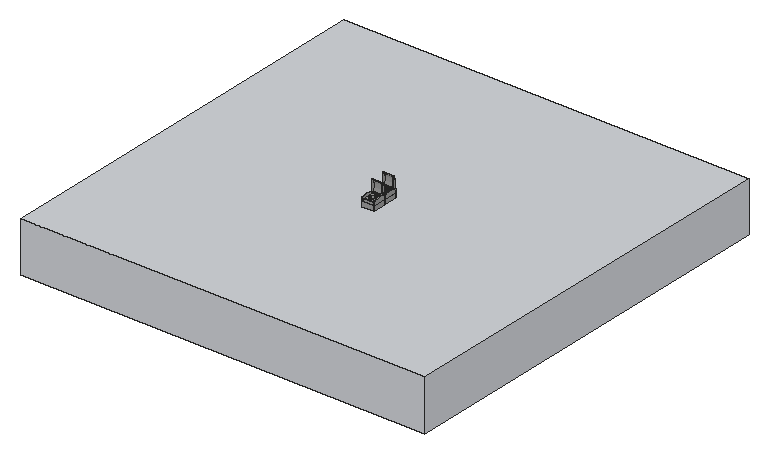
Revit family "2CKA002084A0719", category Elektroinstallationen, Revit 2017
Family settings
  Basisbauteil = Fläche
  Beschriftungsausrichtung beibehalten = Nein
  Bemaßung runder Anschluss = Durchmesser verwenden
  Teiletyp = Normal
  Beim Laden mit Abzugskörper schneiden = Nein
  Gemeinsam genutzt = Nein
  Raumberechnungspunkt = Nein
Parameters
  Werkstoffgüte = "Thermoplast"
  Werkstoff = "Kunststoff"
  Default Elevation = 1219.2 mm
  URL = "https://www.busch-jaeger.de/"
  Typname = "SCHUKO Steckdose, grau/blaugrün, Aufputz IP 44, ocean (IP 44)"
  TYPE = "20-02 EBW-53"
  Sonderstromversorgung = "ohne Sonderstromversorgung"
  Produktseite = "https://media.live.bim.site/t/eyJhbGciOiJIUzI1NiIsInR5cCI6IkpXVCJ9.eyJjdCI6MiwidHUiOiJodHRwOi8vYnVzY2gtamFlZ2VyLWthdGFsb2cuZGUvMjA4NC0wLTA3MTksYXJ0aWtlbC5odG1sIiwiY2lkIjoiZmVkOThlOWEtMWJkOC00YzY4LWE3M2ItNzRhOTRlMzE1ODIzIiwicmlkIjoiODU4Y2E5YTVjYzMzMDNiNTZjNmYwNGNhMTExZTE4ZTMiLCJwaWQiOiJhNTRjY2I4NGJjODZiOTFiM2M1YzQyZmZkZjg0OTkxY2U3ZDczYzhmIiwic2lkIjoiNjM3MzIiLCJ1dCI6MSwibGMiOiJkZSIsImlhdCI6MTU4MjE5NTE0NiwiaXNzIjoiaHR0cHM6Ly9hcGkubGl2ZS5iaW0uc2l0ZSIsInN1YiI6ImY1ODZjNGI2LWE1MDgtNDI3YS05ODE4LTEzMTc5NjY1NzZiYyJ9.u8-3pEH3sGUz4aqpy_N-LvQGsP84bl4ixMLoPzKogAM"
  Oberfläche = "unbehandelt"
  Nennstrom = 16 A
  Nennspannung [V] [Volt] = 250
  Montageart = "Aufputz"
  Mit erhöhtem Berührungsschutz = yes
  Mit Klappdeckel = yes
  Ist Zubehör = no
  Ist System = no
  Hersteller = "Busch-Jaeger"
  HeinzeBIM = "https://www.heinze.de/bim/schuko-steckdose-grau-blaugruen-aufputz-ip-44-ocean-ip-44-/a54ccb84bc86b91b3c5c42ffdf84991ce7d73c8f"
  Halogenfrei = yes
  HAN = "2CKA002084A0719"
  Gewicht [kg/m] = 0.234
  Gerätetiefe [mm] = 55
  Gerätehöhe [mm] = 167
  Gerätebreite [mm] = 74
  Geeignet für Schutzart (IP) = "IP44"
  GTIN = "4011395114957"
  Farbe = "blaugrün"
  Datenblatt = "https://media.live.bim.site/t/eyJhbGciOiJIUzI1NiIsInR5cCI6IkpXVCJ9.eyJjdCI6MSwidGYiOiJwdWJsaWMvYnVzY2gtamFlZ2VyL2VhZjFmM2IvMkNLQTAwMjA4NEEwNzE5X1JPSFNfMjAxOV8xMF8wNy5wZGYiLCJjaWQiOiJmZWQ5OGU5YS0xYmQ4LTRjNjgtYTczYi03NGE5NGUzMTU4MjMiLCJyaWQiOiI4NThjYTlhNWNjMzMwM2I1NmM2ZjA0Y2ExMTFlMThlMyIsInBpZCI6ImE1NGNjYjg0YmM4NmI5MWIzYzVjNDJmZmRmODQ5OTFjZTdkNzNjOGYiLCJzaWQiOiI2MzczMiIsInV0IjoxLCJsYyI6ImRlIiwiaWF0IjoxNTgyMTk1MTQ2LCJpc3MiOiJodHRwczovL2FwaS5saXZlLmJpbS5zaXRlIiwic3ViIjoiZjU4NmM0YjYtYTUwOC00MjdhLTk4MTgtMTMxNzk2NjU3NmJjIn0.97PtO836fvPA_rubpHjy4Kzxh0ZbJA2Jc0sX6fRayew/2CKA002084A0719_ROHS_2019_10_07.pdf"
  Beschreibung = "SCHUKO Steckdose, grau/blaugrün, Aufputz IP 44, ocean (IP 44), SCHUKO Steckdose mit erh. Berührungsschutz 2-fach Für senkrechte Montage. Mit Steckanschluss. Vorverdrahtet. Mit Klappdeckeln. 2 P + E, Nennstrom: 16 A Schutzart Gerät: IP 44"
  Befestigungsart = "Befestigung mit Schraube"
  BIMSITE_PRODUCT_ID = "a54ccb84bc86b91b3c5c42ffdf84991ce7d73c8f"
  BIM = "https://media.live.bim.site/t/eyJhbGciOiJIUzI1NiIsInR5cCI6IkpXVCJ9.eyJjdCI6MSwidGYiOiJwdWJsaWMvYnVzY2gtamFlZ2VyL2VhZjFmM2IvMkNLQTAwMjA4NEEwNzE5LnJmYSIsImNpZCI6ImZlZDk4ZTlhLTFiZDgtNGM2OC1hNzNiLTc0YTk0ZTMxNTgyMyIsInJpZCI6Ijg1OGNhOWE1Y2MzMzAzYjU2YzZmMDRjYTExMWUxOGUzIiwicGlkIjoiYTU0Y2NiODRiYzg2YjkxYjNjNWM0MmZmZGY4NDk5MWNlN2Q3M2M4ZiIsInNpZCI6IjYzNzMyIiwidXQiOjUsImxjIjoiZGUiLCJpYXQiOjE1ODIxOTUxNDYsImlzcyI6Imh0dHBzOi8vYXBpLmxpdmUuYmltLnNpdGUiLCJzdWIiOiJmNTg2YzRiNi1hNTA4LTQyN2EtOTgxOC0xMzE3OTY2NTc2YmMifQ.f8DZDBxHt2A7a4AqLZ1AwVHloCAfMv6DorUsxG8NUpQ/2CKA002084A0719.rfa"
  Ausführung der Oberfläche = "matt"
  Aufdruck/Kennzeichnung = "ohne Aufdruck"
  Anzahl der Einheiten = 2
  Anschlussart = "Steckklemme"
Reference planes
  plane 1 "Center (Front/Back)": y = -41.5
  plane 2: z = 0
  plane 3 "Center (Left/Right)": x = 0
Forms (mm)
  Extrusion 1, solid
    sketch origin (0, 0, 0) x (1, 0, 0) y (0, 1, 0)
      loop
        line (-1219.2, 1219.2) -> (-1219.2, -1219.2) -> (1219.2, -1219.2) -> (1219.2, 1219.2) -> (-1219.2, 1219.2)
    from 0 to -304.8
  Extrusion 2, solid, material "White", detail levels fine
    sketch origin (0, -83, 0) x (1, 0, 0) y (0, 1, 0)
      loop
        arc (-34, 41.5) -> (-36.121, 40.621) -> (-37, 38.5) r 3
        line (-37, 38.5) -> (-37, -38.5)
        arc (-37, -38.5) -> (-36.121, -40.621) -> (-34, -41.5) r 3
        line (-34, -41.5) -> (34, -41.5)
        arc (34, -41.5) -> (36.121, -40.621) -> (37, -38.5) r 3
        line (37, -38.5) -> (37, 38.5)
        arc (37, 38.5) -> (36.121, 40.621) -> (34, 41.5) r 3
        line (34, 41.5) -> (32, 41.5) -> (32, -39.5) -> (-32, -39.5) -> (-32, 41.5) -> (-34, 41.5)
    from 30 to 55
  Extrusion 3, solid, material "White", detail levels fine
    sketch origin (0, -83, 0) x (1, 0, 0) y (0, 1, 0)
      loop
        arc (-34, 41.5) -> (-36.121, 40.621) -> (-37, 38.5) r 3
        line (-37, 38.5) -> (-37, -38.5)
        arc (-37, -38.5) -> (-36.121, -40.621) -> (-34, -41.5) r 3
        line (-34, -41.5) -> (34, -41.5)
        arc (34, -41.5) -> (36.121, -40.621) -> (37, -38.5) r 3
        line (37, -38.5) -> (37, 38.5)
        arc (37, 38.5) -> (36.121, 40.621) -> (34, 41.5) r 3
        line (34, 41.5) -> (-34, 41.5)
    from 0 to 30
  Extrusion 4, solid, material "Blue", detail levels fine
    sketch origin (0, -83, 0) x (1, 0, 0) y (0, 1, 0)
      loop
        line (-31, 30.5) -> (31, 30.5) -> (31, 41.5) -> (-31, 41.5) -> (-31, 30.5)
    from 30 to 55
  Extrusion 5, void
    sketch origin (0, -83, 0) x (0, 1, 0) y (0, 0, 1)
      loop
        line (41.5, 47.95) -> (41.5, 81.018) -> (-72.183, 81.018) -> (-72.183, 27.614)
        arc (-72.183, 27.614) -> (-18.079, 53.087) -> (41.5, 47.95) r 115
    from -60.88 to 44.798
  Extrusion 6, solid, material "White", detail levels coarse
    sketch origin (0, -83, 0) x (1, 0, 0) y (0, 1, 0)
      loop
        line (-37, -41.5) -> (37, -41.5) -> (37, 124.5) -> (-37, 124.5) -> (-37, -41.5)
    from 0 to 55
  Extrusion 7, solid, material "White", not visible, detail levels medium
    sketch origin (0, 0, 0) x (1, 0, 0) y (0, 1, 0)
      loop
        circle (0, 0) r 20
      loop
        line (31.5, 31.5) -> (-31.5, 31.5) -> (-31.5, -31.5) -> (31.5, -31.5) -> (31.5, 31.5)
    from 0 to 14
  Extrusion 8, solid, material "White", not visible, detail levels medium+fine
    sketch origin (0, 0, 0) x (1, 0, 0) y (0, 1, 0)
      loop
        circle (0, 0) r 20
      loop
        circle (-10.2, 0) r 2.25
      loop
        circle (10.2, 0) r 2.25
    from 0 to 2.127
  Extrusion 9, solid, material "White", not visible, detail levels fine
    sketch origin (0, 0, 0) x (1, 0, 0) y (0, 1, 0)
      loop
        arc (-17, 10.536) -> (-18.855, 6.671) -> (-19.843, 2.5) r 20
        line (-19.843, 2.5) -> (-17, 2.5) -> (-17, 10.536)
      loop
        line (-17, -10.536) -> (-17, -2.5) -> (-19.843, -2.5)
        arc (-19.843, -2.5) -> (-18.855, -6.671) -> (-17, -10.536) r 20
      loop
        line (17, 10.536) -> (17, 2.5) -> (19.843, 2.5)
        arc (19.843, 2.5) -> (18.855, 6.671) -> (17, 10.536) r 20
      loop
        arc (17, -10.536) -> (18.855, -6.671) -> (19.843, -2.5) r 20
        line (19.843, -2.5) -> (17, -2.5) -> (17, -10.536)
    from 2.127 to 14
  Extrusion 10, solid, material "White", not visible, detail levels fine
    sketch origin (0, 0, 0) x (1, 0, 0) y (0, 1, 0)
      loop
        line (-2.5, 19.843) -> (-2.5, 17) -> (2.5, 17) -> (2.5, 19.843)
        arc (2.5, 19.843) -> (0, 20) -> (-2.5, 19.843) r 20
      loop
        arc (-2.5, -19.843) -> (0, -20) -> (2.5, -19.843) r 20
        line (2.5, -19.843) -> (2.5, -17) -> (-2.5, -17) -> (-2.5, -19.843)
    from 2.127 to 14
  Extrusion 11, solid, material "White", not visible, detail levels fine
    sketch origin (0, 0, 0) x (1, 0, 0) y (0, 1, 0)
      loop
        arc (-30.5, 31.5) -> (-31.207, 31.207) -> (-31.5, 30.5) r 1
        line (-31.5, 30.5) -> (-31.5, -30.5)
        arc (-31.5, -30.5) -> (-31.207, -31.207) -> (-30.5, -31.5) r 1
        line (-30.5, -31.5) -> (30.5, -31.5)
        arc (30.5, -31.5) -> (31.207, -31.207) -> (31.5, -30.5) r 1
        line (31.5, -30.5) -> (31.5, 30.5)
        arc (31.5, 30.5) -> (31.207, 31.207) -> (30.5, 31.5) r 1
        line (30.5, 31.5) -> (-30.5, 31.5)
      loop
        circle (0, 0) r 20
    from 0 to 14
  Extrusion 12, solid, material "White", not visible, detail levels medium
    sketch origin (0, 0, 0) x (1, 0, 0) y (0, 1, 0)
      loop
        circle (-10.2, 0) r 2.25
      loop
        circle (10.2, 0) r 2.25
    from 0 to 2.127
  Extrusion 13, solid, material "White", detail levels medium
    sketch origin (0, -87.5, 30) x (1, 0, 0) y (0, 1, 0)
      loop
        circle (0, 0) r 20
      loop
        line (31, 34) -> (-31, 34) -> (-31, -34) -> (31, -34) -> (31, 34)
    from 0 to 14
  Extrusion 14, solid, material "White", detail levels medium+fine
    sketch origin (0, -87.5, 30) x (1, 0, 0) y (0, 1, 0)
      loop
        circle (0, 0) r 20
      loop
        circle (-10.2, 0) r 2.25
      loop
        circle (10.2, 0) r 2.25
    from 0 to 2.127
  Extrusion 15, solid, material "White", detail levels fine
    sketch origin (0, -87.5, 30) x (1, 0, 0) y (0, 1, 0)
      loop
        arc (-17, 10.536) -> (-18.855, 6.671) -> (-19.843, 2.5) r 20
        line (-19.843, 2.5) -> (-17, 2.5) -> (-17, 10.536)
      loop
        line (-17, -10.536) -> (-17, -2.5) -> (-19.843, -2.5)
        arc (-19.843, -2.5) -> (-18.855, -6.671) -> (-17, -10.536) r 20
      loop
        line (17, 10.536) -> (17, 2.5) -> (19.843, 2.5)
        arc (19.843, 2.5) -> (18.855, 6.671) -> (17, 10.536) r 20
      loop
        arc (17, -10.536) -> (18.855, -6.671) -> (19.843, -2.5) r 20
        line (19.843, -2.5) -> (17, -2.5) -> (17, -10.536)
    from 2.127 to 14
  Extrusion 16, solid, material "White", detail levels fine
    sketch origin (0, -87.5, 30) x (1, 0, 0) y (0, 1, 0)
      loop
        line (-2.5, 19.843) -> (-2.5, 17) -> (2.5, 17) -> (2.5, 19.843)
        arc (2.5, 19.843) -> (0, 20) -> (-2.5, 19.843) r 20
      loop
        arc (-2.5, -19.843) -> (0, -20) -> (2.5, -19.843) r 20
        line (2.5, -19.843) -> (2.5, -17) -> (-2.5, -17) -> (-2.5, -19.843)
    from 2.127 to 14
  Extrusion 17, solid, material "White", detail levels fine
    sketch origin (0, -87.5, 30) x (1, 0, 0) y (0, 1, 0)
      loop
        arc (-30, 34) -> (-30.707, 33.707) -> (-31, 33) r 1
        line (-31, 33) -> (-31, -33)
        arc (-31, -33) -> (-30.707, -33.707) -> (-30, -34) r 1
        line (-30, -34) -> (30, -34)
        arc (30, -34) -> (30.707, -33.707) -> (31, -33) r 1
        line (31, -33) -> (31, 33)
        arc (31, 33) -> (30.707, 33.707) -> (30, 34) r 1
        line (30, 34) -> (-30, 34)
      loop
        circle (0, 0) r 20
    from 0 to 14
  Extrusion 18, solid, material "White", detail levels medium
    sketch origin (0, -87.5, 30) x (1, 0, 0) y (0, 1, 0)
      loop
        circle (-10.2, 0) r 2.25
      loop
        circle (10.2, 0) r 2.25
    from 0 to 2.127
  Extrusion 19, solid, material "Blue", detail levels medium
    sketch origin (0, -67.5, -2.348) x (0, 0, -1) y (0, 1, 0)
      loop
        line (-53.5, 14) -> (-53.5, 21.152)
        arc (-53.5, 21.152) -> (-87.711, 24.903) -> (-121.5, 18.364) r 115
        line (-121.5, 18.364) -> (-121.5, 14) -> (-53.5, 14)
    from -31 to 31
  Extrusion 20, solid, material "White", detail levels medium
    sketch origin (0, -83, 0) x (1, 0, 0) y (0, 1, 0)
      loop
        arc (-34, 41.5) -> (-36.121, 40.621) -> (-37, 38.5) r 3
        line (-37, 38.5) -> (-37, -38.5)
        arc (-37, -38.5) -> (-36.121, -40.621) -> (-34, -41.5) r 3
        line (-34, -41.5) -> (34, -41.5)
        arc (34, -41.5) -> (36.121, -40.621) -> (37, -38.5) r 3
        line (37, -38.5) -> (37, 38.5)
        arc (37, 38.5) -> (36.121, 40.621) -> (34, 41.5) r 3
        line (34, 41.5) -> (-34, 41.5)
      loop
        line (-31, 29.5) -> (-31, -38.5) -> (31, -38.5) -> (31, 29.5) -> (-31, 29.5)
    from 0 to 56.7
  Extrusion 21, solid, material "Blue", detail levels fine
    sketch origin (0, -67.5, -2.348) x (0, 0, -1) y (0, 1, 0)
      loop
        line (-53.5, 14) -> (-53.5, 21.152)
        arc (-53.5, 21.152) -> (-87.711, 24.903) -> (-121.5, 18.364) r 115
        line (-121.5, 18.364) -> (-121.5, 14) -> (-120.5, 14) -> (-120.5, 17.656)
        arc (-120.5, 17.656) -> (-87.702, 23.903) -> (-54.5, 20.38) r 114
        line (-54.5, 20.38) -> (-54.5, 14) -> (-53.5, 14)
    from -30 to 30
  Extrusion 22, solid, material "Blue", detail levels fine
    sketch origin (0, -67.5, -2.348) x (0, 0, -1) y (0, 1, 0)
      loop
        line (-53.5, 14) -> (-53.5, 21.152)
        arc (-53.5, 21.152) -> (-87.711, 24.903) -> (-121.5, 18.364) r 115
        line (-121.5, 18.364) -> (-121.5, 14) -> (-53.5, 14)
    from -31 to -30
  Extrusion 23, solid, material "Blue", detail levels fine
    sketch origin (0, -67.5, -2.348) x (0, 0, -1) y (0, 1, 0)
      loop
        line (-53.5, 14) -> (-53.5, 21.152)
        arc (-53.5, 21.152) -> (-87.711, 24.903) -> (-121.5, 18.364) r 115
        line (-121.5, 18.364) -> (-121.5, 14) -> (-53.5, 14)
    from 31 to 30
  Extrusion 24, solid, material "White", detail levels fine
    sketch origin (0, 0, 0) x (1, 0, 0) y (0, 1, 0)
      loop
        arc (-34, 41.5) -> (-36.121, 40.621) -> (-37, 38.5) r 3
        line (-37, 38.5) -> (-37, -38.5)
        arc (-37, -38.5) -> (-36.121, -40.621) -> (-34, -41.5) r 3
        line (-34, -41.5) -> (34, -41.5)
        arc (34, -41.5) -> (36.121, -40.621) -> (37, -38.5) r 3
        line (37, -38.5) -> (37, 38.5)
        arc (37, 38.5) -> (36.121, 40.621) -> (34, 41.5) r 3
        line (34, 41.5) -> (32, 41.5) -> (32, -39.5) -> (-32, -39.5) -> (-32, 41.5) -> (-34, 41.5)
    from 30 to 55
  Extrusion 25, solid, material "White", detail levels fine
    sketch origin (0, 0, 0) x (1, 0, 0) y (0, 1, 0)
      loop
        arc (-34, 41.5) -> (-36.121, 40.621) -> (-37, 38.5) r 3
        line (-37, 38.5) -> (-37, -38.5)
        arc (-37, -38.5) -> (-36.121, -40.621) -> (-34, -41.5) r 3
        line (-34, -41.5) -> (34, -41.5)
        arc (34, -41.5) -> (36.121, -40.621) -> (37, -38.5) r 3
        line (37, -38.5) -> (37, 38.5)
        arc (37, 38.5) -> (36.121, 40.621) -> (34, 41.5) r 3
        line (34, 41.5) -> (-34, 41.5)
    from 0 to 30
  Extrusion 26, solid, material "Blue", detail levels fine
    sketch origin (0, 0, 0) x (1, 0, 0) y (0, 1, 0)
      loop
        line (-31, 30.5) -> (31, 30.5) -> (31, 41.5) -> (-31, 41.5) -> (-31, 30.5)
    from 30 to 55
  Extrusion 27, void
    sketch origin (0, 0, 30) x (0, 1, 0) y (0, 0, 1)
      loop
        line (41.5, 17.251) -> (41.5, 81.018) -> (-41.5, 81.018) -> (-41.5, 17.251)
        arc (-41.5, 17.251) -> (0, 25) -> (41.5, 17.251) r 115
    from -60.88 to 44.798
  Extrusion 28, solid, material "White", detail levels medium
    sketch origin (0, -4.5, 30) x (1, 0, 0) y (0, 1, 0)
      loop
        circle (0, 0) r 20
      loop
        line (31, 34) -> (-31, 34) -> (-31, -34) -> (31, -34) -> (31, 34)
    from 0 to 14
  Extrusion 29, solid, material "White", detail levels medium+fine
    sketch origin (0, -4.5, 30) x (1, 0, 0) y (0, 1, 0)
      loop
        circle (0, 0) r 20
      loop
        circle (-10.2, 0) r 2.25
      loop
        circle (10.2, 0) r 2.25
    from 0 to 2.127
  Extrusion 30, solid, material "White", detail levels fine
    sketch origin (0, -4.5, 30) x (1, 0, 0) y (0, 1, 0)
      loop
        arc (-17, 10.536) -> (-18.855, 6.671) -> (-19.843, 2.5) r 20
        line (-19.843, 2.5) -> (-17, 2.5) -> (-17, 10.536)
      loop
        line (-17, -10.536) -> (-17, -2.5) -> (-19.843, -2.5)
        arc (-19.843, -2.5) -> (-18.855, -6.671) -> (-17, -10.536) r 20
      loop
        line (17, 10.536) -> (17, 2.5) -> (19.843, 2.5)
        arc (19.843, 2.5) -> (18.855, 6.671) -> (17, 10.536) r 20
      loop
        arc (17, -10.536) -> (18.855, -6.671) -> (19.843, -2.5) r 20
        line (19.843, -2.5) -> (17, -2.5) -> (17, -10.536)
    from 2.127 to 14
  Extrusion 31, solid, material "White", detail levels fine
    sketch origin (0, -4.5, 30) x (1, 0, 0) y (0, 1, 0)
      loop
        line (-2.5, 19.843) -> (-2.5, 17) -> (2.5, 17) -> (2.5, 19.843)
        arc (2.5, 19.843) -> (0, 20) -> (-2.5, 19.843) r 20
      loop
        arc (-2.5, -19.843) -> (0, -20) -> (2.5, -19.843) r 20
        line (2.5, -19.843) -> (2.5, -17) -> (-2.5, -17) -> (-2.5, -19.843)
    from 2.127 to 14
  Extrusion 32, solid, material "White", detail levels fine
    sketch origin (0, -4.5, 30) x (1, 0, 0) y (0, 1, 0)
      loop
        arc (-30, 34) -> (-30.707, 33.707) -> (-31, 33) r 1
        line (-31, 33) -> (-31, -33)
        arc (-31, -33) -> (-30.707, -33.707) -> (-30, -34) r 1
        line (-30, -34) -> (30, -34)
        arc (30, -34) -> (30.707, -33.707) -> (31, -33) r 1
        line (31, -33) -> (31, 33)
        arc (31, 33) -> (30.707, 33.707) -> (30, 34) r 1
        line (30, 34) -> (-30, 34)
      loop
        circle (0, 0) r 20
    from 0 to 14
  Extrusion 33, solid, material "White", detail levels medium
    sketch origin (0, -4.5, 30) x (1, 0, 0) y (0, 1, 0)
      loop
        circle (-10.2, 0) r 2.25
      loop
        circle (10.2, 0) r 2.25
    from 0 to 2.127
  Extrusion 34, solid, material "White", detail levels medium
    sketch origin (0, 0, 0) x (1, 0, 0) y (0, 1, 0)
      loop
        arc (-34, 41.5) -> (-36.121, 40.621) -> (-37, 38.5) r 3
        line (-37, 38.5) -> (-37, -38.5)
        arc (-37, -38.5) -> (-36.121, -40.621) -> (-34, -41.5) r 3
        line (-34, -41.5) -> (34, -41.5)
        arc (34, -41.5) -> (36.121, -40.621) -> (37, -38.5) r 3
        line (37, -38.5) -> (37, 38.5)
        arc (37, 38.5) -> (36.121, 40.621) -> (34, 41.5) r 3
        line (34, 41.5) -> (-34, 41.5)
      loop
        line (-31, 29.5) -> (-31, -38.5) -> (31, -38.5) -> (31, 29.5) -> (-31, 29.5)
    from 0 to 56.7
  Extrusion 35, solid, material "Blue", detail levels medium
    sketch origin (0, 15.5, -2.348) x (0, 0, -1) y (0, 1, 0)
      loop
        line (-53.5, 14) -> (-53.5, 21.152)
        arc (-53.5, 21.152) -> (-87.711, 24.903) -> (-121.5, 18.364) r 115
        line (-121.5, 18.364) -> (-121.5, 14) -> (-53.5, 14)
    from -31 to 31
  Extrusion 36, solid, material "Blue", detail levels fine
    sketch origin (0, 15.5, -2.348) x (0, 0, -1) y (0, 1, 0)
      loop
        line (-53.5, 14) -> (-53.5, 21.152)
        arc (-53.5, 21.152) -> (-87.711, 24.903) -> (-121.5, 18.364) r 115
        line (-121.5, 18.364) -> (-121.5, 14) -> (-120.5, 14) -> (-120.5, 17.656)
        arc (-120.5, 17.656) -> (-87.702, 23.903) -> (-54.5, 20.38) r 114
        line (-54.5, 20.38) -> (-54.5, 14) -> (-53.5, 14)
    from -30 to 30
  Extrusion 37, solid, material "Blue", detail levels fine
    sketch origin (0, 15.5, -2.348) x (0, 0, -1) y (0, 1, 0)
      loop
        line (-53.5, 14) -> (-53.5, 21.152)
        arc (-53.5, 21.152) -> (-87.711, 24.903) -> (-121.5, 18.364) r 115
        line (-121.5, 18.364) -> (-121.5, 14) -> (-53.5, 14)
    from -31 to -30
  Extrusion 38, solid, material "Blue", detail levels fine
    sketch origin (0, 15.5, -2.348) x (0, 0, -1) y (0, 1, 0)
      loop
        line (-53.5, 14) -> (-53.5, 21.152)
        arc (-53.5, 21.152) -> (-87.711, 24.903) -> (-121.5, 18.364) r 115
        line (-121.5, 18.364) -> (-121.5, 14) -> (-53.5, 14)
    from 31 to 30
Cuts and joins
  Extrusion 5, Extrusion 27 cuts Extrusion 2
  Extrusion 5, Extrusion 27 cuts Extrusion 4
  Extrusion 5, Extrusion 27 cuts Extrusion 20
  Extrusion 27 cuts Extrusion 21
  Extrusion 27 cuts Extrusion 22
  Extrusion 27 cuts Extrusion 23
  joined: Extrusion 21, Extrusion 22, Extrusion 23
  Extrusion 27 cuts Extrusion 19
  Extrusion 27 cuts Extrusion 24
  Extrusion 27 cuts Extrusion 26
  Extrusion 27 cuts Extrusion 34
Lines and regions (mm)
  reference lines
    curve 1: line (0, 41.5, 0) -> (0, -124.5, 0)
  model lines, detail levels coarse
    curve 2: arc (-20, -87.5, 55) -> (0, -67.5, 55) -> (20, -87.5, 55) r 20
    curve 3: arc (20, -87.5, 55) -> (0, -107.5, 55) -> (-20, -87.5, 55) r 20
    curve 4: arc (-12.45, -87.5, 55) -> (-10.2, -89.75, 55) -> (-7.95, -87.5, 55) r 2.25
    curve 5: arc (-7.95, -87.5, 55) -> (-10.2, -85.25, 55) -> (-12.45, -87.5, 55) r 2.25
    curve 6: arc (7.95, -87.5, 55) -> (10.2, -89.75, 55) -> (12.45, -87.5, 55) r 2.25
    curve 7: arc (12.45, -87.5, 55) -> (10.2, -85.25, 55) -> (7.95, -87.5, 55) r 2.25
    curve 8: arc (20, -4.5, 55) -> (0, -24.5, 55) -> (-20, -4.5, 55) r 20
    curve 9: arc (-20, -4.5, 55) -> (0, 15.5, 55) -> (20, -4.5, 55) r 20
    curve 10: arc (-12.45, -4.5, 55) -> (-10.2, -6.75, 55) -> (-7.95, -4.5, 55) r 2.25
    curve 11: arc (-7.95, -4.5, 55) -> (-10.2, -2.25, 55) -> (-12.45, -4.5, 55) r 2.25
    curve 12: arc (7.95, -4.5, 55) -> (10.2, -6.75, 55) -> (12.45, -4.5, 55) r 2.25
    curve 13: arc (12.45, -4.5, 55) -> (10.2, -2.25, 55) -> (7.95, -4.5, 55) r 2.25
Dimensions and locks
  aligned and locked: plane 2 to Extrusion 1
  aligned and locked: level to Extrusion 1
Connectors
  electrical at (0, 0, 0)
    settings: on Extrusion 25, index 1, voltage 230 V, apparent load 0 VA, apparent load phase1 0 VA, apparent load phase2 0 VA, apparent load phase3 0 VA, power factor 1, load classification "Other", number of poles 1, system type 31, power factor state 1, is connector primary yes, connector utility no, sub classification motor no, connector description ""
  electrical at (0, -83, 0)
    settings: on Extrusion 3, index 2, voltage 230 V, apparent load 0 VA, apparent load phase1 0 VA, apparent load phase2 0 VA, apparent load phase3 0 VA, power factor 1, load classification "Other", number of poles 1, system type 31, power factor state 1, is connector primary no, connector utility no, sub classification motor no, connector description ""
